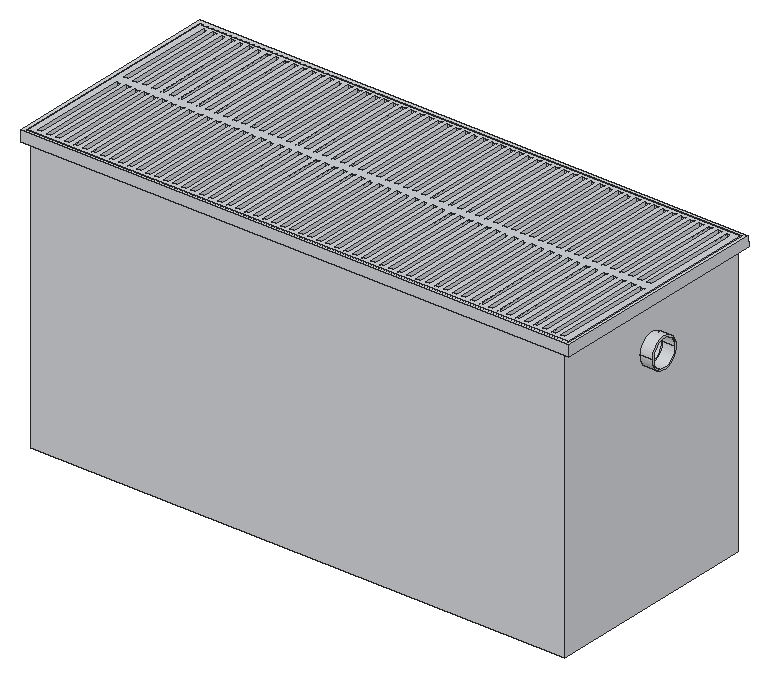
Revit family "Interceptor_Sand-Zurn-Z1187-SI", category Plumbing Fixtures, Revit 2022 (continued)
Definition of nested family "Grate Size_250"
  Forms (in)
    Extrusion 61, void
      sketch origin (26, 0, 0) x (1, 0, 0) y (0, 1, 0)
        loop
          line (-0.5, -1) -> (-0.5, -23) -> (0.5, -23) -> (0.5, -1) -> (-0.5, -1)
      from 0 to 1.75
    Extrusion 62, void
      sketch origin (28, 0, 0) x (1, 0, 0) y (0, 1, 0)
        loop
          line (-0.5, -1) -> (-0.5, -23) -> (0.5, -23) -> (0.5, -1) -> (-0.5, -1)
      from 0 to 1.75
    Extrusion 63, void
      sketch origin (30, 0, 0) x (1, 0, 0) y (0, 1, 0)
        loop
          line (-0.5, -1) -> (-0.5, -23) -> (0.5, -23) -> (0.5, -1) -> (-0.5, -1)
      from 0 to 1.75
    Extrusion 64, void
      sketch origin (32, 0, 0) x (1, 0, 0) y (0, 1, 0)
        loop
          line (-0.5, -1) -> (-0.5, -23) -> (0.5, -23) -> (0.5, -1) -> (-0.5, -1)
      from 0 to 1.75
    Extrusion 65, void
      sketch origin (34, 0, 0) x (1, 0, 0) y (0, 1, 0)
        loop
          line (-0.5, -1) -> (-0.5, -23) -> (0.5, -23) -> (0.5, -1) -> (-0.5, -1)
      from 0 to 1.75
    Extrusion 66, void
      sketch origin (24, 0, 0) x (1, 0, 0) y (0, 1, 0)
        loop
          line (-0.5, 1) -> (0.5, 1) -> (0.5, 23) -> (-0.5, 23) -> (-0.5, 1)
      from 0 to 1.75
    Extrusion 67, void
      sketch origin (26, 0, 0) x (1, 0, 0) y (0, 1, 0)
        loop
          line (-0.5, 1) -> (0.5, 1) -> (0.5, 23) -> (-0.5, 23) -> (-0.5, 1)
      from 0 to 1.75
    Extrusion 68, void
      sketch origin (28, 0, 0) x (1, 0, 0) y (0, 1, 0)
        loop
          line (-0.5, 1) -> (0.5, 1) -> (0.5, 23) -> (-0.5, 23) -> (-0.5, 1)
      from 0 to 1.75
    Extrusion 69, void
      sketch origin (30, 0, 0) x (1, 0, 0) y (0, 1, 0)
        loop
          line (-0.5, 1) -> (0.5, 1) -> (0.5, 23) -> (-0.5, 23) -> (-0.5, 1)
      from 0 to 1.75
    Extrusion 70, void
      sketch origin (32, 0, 0) x (1, 0, 0) y (0, 1, 0)
        loop
          line (-0.5, 1) -> (0.5, 1) -> (0.5, 23) -> (-0.5, 23) -> (-0.5, 1)
      from 0 to 1.75
    Extrusion 71, void
      sketch origin (34, 0, 0) x (1, 0, 0) y (0, 1, 0)
        loop
          line (-0.5, 1) -> (0.5, 1) -> (0.5, 23) -> (-0.5, 23) -> (-0.5, 1)
      from 0 to 1.75
  Cuts and joins
    Extrusion 2, Extrusion 3, Extrusion 4, Extrusion 5, Extrusion 6, Extrusion 7, Extrusion 8, Extrusion 9, Extrusion 10, Extrusion 11, Extrusion 12, Extrusion 13, Extrusion 14, Extrusion 15, Extrusion 16, Extrusion 17, Extrusion 18, Extrusion 19, Extrusion 20, Extrusion 21, Extrusion 22, Extrusion 23, Extrusion 24, Extrusion 25, Extrusion 26, Extrusion 27, Extrusion 28, Extrusion 29, Extrusion 30, Extrusion 31, Extrusion 32, Extrusion 33, Extrusion 34, Extrusion 35, Extrusion 36, Extrusion 37, Extrusion 38, Extrusion 39, Extrusion 40, Extrusion 41, Extrusion 42, Extrusion 43, Extrusion 44, Extrusion 45, Extrusion 46, Extrusion 47, Extrusion 48, Extrusion 49, Extrusion 50, Extrusion 51, Extrusion 52, Extrusion 53, Extrusion 54, Extrusion 55, Extrusion 56, Extrusion 57, Extrusion 58, Extrusion 59, Extrusion 60, Extrusion 61, Extrusion 62, Extrusion 63, Extrusion 64, Extrusion 65, Extrusion 66, Extrusion 67, Extrusion 68, Extrusion 69, Extrusion 70, Extrusion 71 cuts Extrusion 1
  Lines and regions (in)
    model lines, detail levels coarse+medium
      curve 1: line (-36, -24, 1.75) -> (36, -24, 1.75)
      curve 2: line (-36, 24, 1.75) -> (36, 24, 1.75)
      curve 3: line (-36, -24, 1.75) -> (-36, 24, 1.75)
      curve 4: line (36, -24, 1.75) -> (36, 24, 1.75)
      curve 5: line (-36, 18, 1.75) -> (36, 18, 1.75)
      curve 6: line (-36, 12, 1.75) -> (36, 12, 1.75)
      curve 7: line (-36, 6, 1.75) -> (36, 6, 1.75)
      curve 8: line (-36, 0, 1.75) -> (36, 0, 1.75)
      curve 9: line (-36, -6, 1.75) -> (36, -6, 1.75)
      curve 10: line (-36, -12, 1.75) -> (36, -12, 1.75)
      curve 11: line (-36, -18, 1.75) -> (36, -18, 1.75)
      curve 12: line (-28.8, 24, 1.75) -> (-28.8, -24, 1.75)
      curve 13: line (-21.6, 24, 1.75) -> (-21.6, -24, 1.75)
      curve 14: line (-14.4, 24, 1.75) -> (-14.4, -24, 1.75)
      curve 15: line (-7.2, 24, 1.75) -> (-7.2, -24, 1.75)
      curve 16: line (0, 24, 1.75) -> (0, -24, 1.75)
      curve 17: line (7.2, 24, 1.75) -> (7.2, -24, 1.75)
      curve 18: line (14.4, 24, 1.75) -> (14.4, -24, 1.75)
      curve 19: line (21.6, 24, 1.75) -> (21.6, -24, 1.75)
      curve 20: line (28.8, 24, 1.75) -> (28.8, -24, 1.75)
  Dimensions and locks (in)
    plane 6 to level = 1.750"
    equal spacing: plane 7, plane 1 "Center (Front/Back)", plane 8
    plane 7 to plane 1 "Center (Front/Back)" = 24.000"
    "Width": plane 7 to plane 8
    equal spacing: plane 5, plane 3 "Center (Left/Right)", plane 4
    "Length": plane 5 to plane 4
    plane 9 to plane 10 = 1.000"
    locked: plane 11 to level at 1.75
    plane 12 to plane 13 = 22.000"
    plane 12 to plane 1 "Center (Front/Back)" = 1.000"
    plane 13 to plane 7 = 1.000"
    plane 14 to plane 15 = 1.000"
    plane 16 to plane 17 = 22.000"
    plane 18 to plane 19 = 1.000"
    plane 20 to plane 21 = 22.000"
    plane 22 to plane 23 = 1.000"
    plane 24 to plane 25 = 22.000"
    plane 26 to plane 27 = 1.000"
    plane 28 to plane 29 = 22.000"
    plane 30 to plane 31 = 1.000"
    plane 32 to plane 33 = 22.000"
    plane 34 to plane 35 = 1.000"
    plane 36 to plane 37 = 22.000"
    plane 38 to plane 39 = 1.000"
    plane 40 to plane 41 = 22.000"
    plane 42 to plane 43 = 1.000"
    plane 44 to plane 45 = 22.000"
    plane 46 to plane 47 = 1.000"
    plane 48 to plane 49 = 22.000"
    plane 50 to plane 51 = 1.000"
    plane 52 to plane 53 = 22.000"
    plane 54 to plane 55 = 1.000"
    plane 56 to plane 57 = 22.000"
    plane 58 to plane 59 = 1.000"
    plane 60 to plane 61 = 22.000"
    plane 62 to plane 63 = 1.000"
    plane 64 to plane 65 = 22.000"
    plane 66 to plane 67 = 1.000"
    plane 68 to plane 69 = 22.000"
    plane 70 to plane 71 = 1.000"
    plane 72 to plane 73 = 22.000"
    plane 74 to plane 75 = 1.000"
    plane 76 to plane 77 = 22.000"
    plane 78 to plane 79 = 1.000"
    plane 80 to plane 81 = 22.000"
    plane 82 to plane 83 = 1.000"
    plane 84 to plane 85 = 22.000"
    plane 86 to plane 87 = 1.000"
    plane 88 to plane 89 = 22.000"
    plane 90 to plane 91 = 1.000"
    plane 92 to plane 93 = 22.000"
    plane 94 to plane 95 = 1.000"
    plane 96 to plane 97 = 22.000"
    plane 98 to plane 99 = 1.000"
    plane 100 to plane 101 = 22.000"
    plane 102 to plane 103 = 1.000"
    plane 104 to plane 105 = 22.000"
    plane 106 to plane 107 = 1.000"
    plane 109 to plane 108 = 22.000"
    plane 110 to plane 111 = 1.000"
    plane 113 to plane 112 = 22.000"
    plane 114 to plane 115 = 1.000"
    plane 117 to plane 116 = 22.000"
    plane 118 to plane 119 = 1.000"
    plane 121 to plane 120 = 22.000"
    plane 122 to plane 123 = 1.000"
    plane 125 to plane 124 = 22.000"
    plane 126 to plane 127 = 1.000"
    plane 129 to plane 128 = 22.000"
    plane 130 to plane 131 = 1.000"
    plane 133 to plane 132 = 22.000"
    plane 134 to plane 135 = 1.000"
    plane 137 to plane 136 = 22.000"
    plane 138 to plane 139 = 1.000"
    plane 141 to plane 140 = 22.000"
    plane 142 to plane 143 = 1.000"
    plane 145 to plane 144 = 22.000"
    plane 146 to plane 147 = 1.000"
    plane 149 to plane 148 = 22.000"
    plane 150 to plane 151 = 1.000"
    plane 152 to plane 153 = 22.000"
    plane 154 to plane 155 = 1.000"
    plane 156 to plane 157 = 22.000"
    plane 158 to plane 159 = 1.000"
    plane 160 to plane 161 = 22.000"
    plane 162 to plane 163 = 1.000"
    plane 164 to plane 165 = 22.000"
    plane 166 to plane 167 = 1.000"
    plane 168 to plane 169 = 22.000"
    plane 170 to plane 171 = 1.000"
    plane 172 to plane 173 = 22.000"
    plane 174 to plane 175 = 1.000"
    plane 176 to plane 177 = 22.000"
    plane 178 to plane 179 = 1.000"
    plane 180 to plane 181 = 22.000"
    plane 182 to plane 183 = 1.000"
    plane 184 to plane 185 = 22.000"
    plane 186 to plane 187 = 1.000"
    plane 188 to plane 189 = 22.000"
    plane 190 to plane 191 = 1.000"
    plane 192 to plane 193 = 22.000"
    equal spacing: group 51, group 50, group 49, group 48, group 47, group 46, group 45
    equal spacing: group 45, group 46, group 47, group 48, group 49, group 50, group 51  (x2)
    plane 242 to plane 243 = 1.000"
    plane 244 to plane 245 = 22.000"
    equal spacing: group 58, group 59, group 60, group 61, group 62, group 63, group 64  (x3)
    plane 246 to plane 247 = 1.000"
    plane 248 to plane 249 = 22.000"
    plane 250 to plane 251 = 1.000"
    plane 252 to plane 253 = 22.000"
    plane 254 to plane 255 = 1.000"
    plane 256 to plane 257 = 22.000"
    plane 258 to plane 259 = 1.000"
    plane 260 to plane 261 = 22.000"
    plane 262 to plane 263 = 1.000"
    plane 264 to plane 265 = 22.000"
    plane 266 to plane 267 = 1.000"
    plane 268 to plane 269 = 22.000"
    plane 270 to plane 271 = 1.000"
    plane 272 to plane 273 = 22.000"
    plane 274 to plane 275 = 1.000"
    plane 276 to plane 277 = 22.000"
    plane 278 to plane 279 = 1.000"
    plane 280 to plane 281 = 22.000"
    plane 282 to plane 283 = 1.000"
    plane 284 to plane 285 = 22.000"
    plane 286 to plane 287 = 1.000"
    plane 288 to plane 289 = 22.000"
    equal spacing: plane 290, plane 3 "Center (Left/Right)", plane 291
    "Length": plane 290 to plane 291
    equal spacing: plane 8, curve 5, curve 6, curve 7, curve 8, curve 9, curve 10, curve 11, plane 7, locked at 6 each
    equal spacing: plane 290, curve 12, curve 13, curve 14, curve 15, curve 16, curve 17, curve 18, curve 19, curve 20, plane 291, locked at 7.2 each
    aligned and locked: plane 2 to level
    aligned and locked: Extrusion 1 sketch curve to plane 5
    aligned and locked: Extrusion 1 sketch curve to plane 6
    aligned and locked: plane 4 to Extrusion 1 sketch curve
    aligned and locked: plane 8 to Extrusion 1
    aligned and locked: Extrusion 1 to plane 7
    aligned and locked: plane 13 to Extrusion 2 sketch curve
    aligned and locked: Extrusion 2 sketch curve to plane 12
    aligned and locked: plane 10 to Extrusion 2 sketch curve
    aligned and locked: plane 9 to Extrusion 2 sketch curve
    aligned and locked: plane 17 to Extrusion 3 sketch curve
    aligned and locked: Extrusion 3 sketch curve to plane 16
    aligned and locked: plane 15 to Extrusion 3 sketch curve
    aligned and locked: plane 14 to Extrusion 3 sketch curve
    aligned and locked: plane 21 to Extrusion 4 sketch curve
    aligned and locked: Extrusion 4 sketch curve to plane 20
    aligned and locked: plane 19 to Extrusion 4 sketch curve
    aligned and locked: plane 18 to Extrusion 4 sketch curve
    aligned and locked: plane 25 to Extrusion 5 sketch curve
    aligned and locked: Extrusion 5 sketch curve to plane 24
    aligned and locked: plane 23 to Extrusion 5 sketch curve
    aligned and locked: plane 22 to Extrusion 5 sketch curve
    aligned and locked: plane 29 to Extrusion 6 sketch curve
    aligned and locked: Extrusion 6 sketch curve to plane 28
    aligned and locked: plane 27 to Extrusion 6 sketch curve
    aligned and locked: plane 26 to Extrusion 6 sketch curve
    aligned and locked: plane 33 to Extrusion 7 sketch curve
    aligned and locked: Extrusion 7 sketch curve to plane 32
    aligned and locked: plane 31 to Extrusion 7 sketch curve
    aligned and locked: plane 30 to Extrusion 7 sketch curve
    aligned and locked: plane 37 to Extrusion 8 sketch curve
    aligned and locked: Extrusion 8 sketch curve to plane 36
    aligned and locked: plane 35 to Extrusion 8 sketch curve
    aligned and locked: plane 34 to Extrusion 8 sketch curve
    aligned and locked: plane 41 to Extrusion 9 sketch curve
    aligned and locked: Extrusion 9 sketch curve to plane 40
    aligned and locked: plane 39 to Extrusion 9 sketch curve
    aligned and locked: plane 38 to Extrusion 9 sketch curve
    aligned and locked: plane 45 to Extrusion 10 sketch curve
    aligned and locked: Extrusion 10 sketch curve to plane 44
    aligned and locked: plane 43 to Extrusion 10 sketch curve
    aligned and locked: plane 42 to Extrusion 10 sketch curve
    aligned and locked: plane 49 to Extrusion 11 sketch curve
    aligned and locked: Extrusion 11 sketch curve to plane 48
    aligned and locked: plane 47 to Extrusion 11 sketch curve
    aligned and locked: plane 46 to Extrusion 11 sketch curve
    aligned and locked: plane 53 to Extrusion 12 sketch curve
    aligned and locked: Extrusion 12 sketch curve to plane 52
    aligned and locked: plane 51 to Extrusion 12 sketch curve
    aligned and locked: plane 50 to Extrusion 12 sketch curve
    aligned and locked: plane 57 to Extrusion 13 sketch curve
    aligned and locked: Extrusion 13 sketch curve to plane 56
    aligned and locked: plane 55 to Extrusion 13 sketch curve
    aligned and locked: plane 54 to Extrusion 13 sketch curve
    aligned and locked: plane 61 to Extrusion 14 sketch curve
    aligned and locked: Extrusion 14 sketch curve to plane 60
    aligned and locked: plane 59 to Extrusion 14 sketch curve
    aligned and locked: plane 58 to Extrusion 14 sketch curve
    aligned and locked: plane 65 to Extrusion 15 sketch curve
    aligned and locked: Extrusion 15 sketch curve to plane 64
    aligned and locked: plane 63 to Extrusion 15 sketch curve
    aligned and locked: plane 62 to Extrusion 15 sketch curve
    aligned and locked: plane 69 to Extrusion 16 sketch curve
    aligned and locked: Extrusion 16 sketch curve to plane 68
    aligned and locked: plane 67 to Extrusion 16 sketch curve
    aligned and locked: plane 66 to Extrusion 16 sketch curve
    aligned and locked: plane 73 to Extrusion 17 sketch curve
    aligned and locked: Extrusion 17 sketch curve to plane 72
    aligned and locked: plane 71 to Extrusion 17 sketch curve
    aligned and locked: plane 70 to Extrusion 17 sketch curve
    aligned and locked: plane 77 to Extrusion 18 sketch curve
    aligned and locked: Extrusion 18 sketch curve to plane 76
    aligned and locked: plane 75 to Extrusion 18 sketch curve
    aligned and locked: plane 74 to Extrusion 18 sketch curve
    aligned and locked: plane 81 to Extrusion 19 sketch curve
    aligned and locked: Extrusion 19 sketch curve to plane 80
    aligned and locked: plane 79 to Extrusion 19 sketch curve
    aligned and locked: plane 78 to Extrusion 19 sketch curve
    aligned and locked: plane 85 to Extrusion 20 sketch curve
    aligned and locked: Extrusion 20 sketch curve to plane 84
    aligned and locked: plane 83 to Extrusion 20 sketch curve
    aligned and locked: plane 82 to Extrusion 20 sketch curve
    aligned and locked: plane 89 to Extrusion 21 sketch curve
    aligned and locked: Extrusion 21 sketch curve to plane 88
    aligned and locked: plane 87 to Extrusion 21 sketch curve
    aligned and locked: plane 86 to Extrusion 21 sketch curve
    aligned and locked: plane 93 to Extrusion 22 sketch curve
    aligned and locked: Extrusion 22 sketch curve to plane 92
    aligned and locked: plane 91 to Extrusion 22 sketch curve
    aligned and locked: plane 90 to Extrusion 22 sketch curve
    aligned and locked: plane 97 to Extrusion 23 sketch curve
    aligned and locked: Extrusion 23 sketch curve to plane 96
    aligned and locked: plane 95 to Extrusion 23 sketch curve
    aligned and locked: plane 94 to Extrusion 23 sketch curve
    aligned and locked: plane 101 to Extrusion 24 sketch curve
    aligned and locked: Extrusion 24 sketch curve to plane 100
    aligned and locked: plane 99 to Extrusion 24 sketch curve
    aligned and locked: plane 98 to Extrusion 24 sketch curve
    aligned and locked: Extrusion 25 sketch curve to plane 105
    aligned and locked: plane 104 to Extrusion 25 sketch curve
    aligned and locked: plane 103 to Extrusion 25 sketch curve
    aligned and locked: plane 102 to Extrusion 25 sketch curve
    aligned and locked: Extrusion 26 sketch curve to plane 109
    aligned and locked: plane 108 to Extrusion 26 sketch curve
    aligned and locked: plane 107 to Extrusion 26 sketch curve
    aligned and locked: plane 106 to Extrusion 26 sketch curve
    aligned and locked: Extrusion 27 sketch curve to plane 113
    aligned and locked: plane 112 to Extrusion 27 sketch curve
    aligned and locked: plane 111 to Extrusion 27 sketch curve
    aligned and locked: plane 110 to Extrusion 27 sketch curve
    aligned and locked: Extrusion 28 sketch curve to plane 117
    aligned and locked: plane 116 to Extrusion 28 sketch curve
    aligned and locked: plane 115 to Extrusion 28 sketch curve
    aligned and locked: plane 114 to Extrusion 28 sketch curve
    aligned and locked: Extrusion 29 sketch curve to plane 121
    aligned and locked: plane 120 to Extrusion 29 sketch curve
    aligned and locked: plane 119 to Extrusion 29 sketch curve
    aligned and locked: plane 118 to Extrusion 29 sketch curve
    aligned and locked: Extrusion 30 sketch curve to plane 125
    aligned and locked: plane 124 to Extrusion 30 sketch curve
    aligned and locked: plane 123 to Extrusion 30 sketch curve
    aligned and locked: plane 122 to Extrusion 30 sketch curve
    aligned and locked: Extrusion 31 sketch curve to plane 129
    aligned and locked: plane 128 to Extrusion 31 sketch curve
    aligned and locked: plane 127 to Extrusion 31 sketch curve
    aligned and locked: plane 126 to Extrusion 31 sketch curve
    aligned and locked: Extrusion 32 sketch curve to plane 133
    aligned and locked: plane 132 to Extrusion 32 sketch curve
    aligned and locked: plane 131 to Extrusion 32 sketch curve
    aligned and locked: plane 130 to Extrusion 32 sketch curve
    aligned and locked: Extrusion 33 sketch curve to plane 137
    aligned and locked: plane 136 to Extrusion 33 sketch curve
    aligned and locked: plane 135 to Extrusion 33 sketch curve
    aligned and locked: plane 134 to Extrusion 33 sketch curve
    aligned and locked: Extrusion 34 sketch curve to plane 141
    aligned and locked: plane 140 to Extrusion 34 sketch curve
    aligned and locked: plane 139 to Extrusion 34 sketch curve
    aligned and locked: plane 138 to Extrusion 34 sketch curve
    aligned and locked: Extrusion 35 sketch curve to plane 145
    aligned and locked: plane 144 to Extrusion 35 sketch curve
    aligned and locked: plane 143 to Extrusion 35 sketch curve
    aligned and locked: plane 142 to Extrusion 35 sketch curve
    aligned and locked: Extrusion 36 sketch curve to plane 149
    aligned and locked: plane 148 to Extrusion 36 sketch curve
    aligned and locked: plane 147 to Extrusion 36 sketch curve
    aligned and locked: plane 146 to Extrusion 36 sketch curve
    aligned and locked: Extrusion 37 sketch curve to plane 153
    aligned and locked: plane 152 to Extrusion 37 sketch curve
    aligned and locked: plane 151 to Extrusion 37 sketch curve
    aligned and locked: plane 150 to Extrusion 37 sketch curve
    aligned and locked: Extrusion 38 sketch curve to plane 157
    aligned and locked: plane 156 to Extrusion 38 sketch curve
    aligned and locked: plane 155 to Extrusion 38 sketch curve
    aligned and locked: plane 154 to Extrusion 38 sketch curve
    aligned and locked: Extrusion 39 sketch curve to plane 161
    aligned and locked: plane 160 to Extrusion 39 sketch curve
    aligned and locked: plane 159 to Extrusion 39 sketch curve
    aligned and locked: plane 158 to Extrusion 39 sketch curve
    aligned and locked: Extrusion 40 sketch curve to plane 165
    aligned and locked: plane 164 to Extrusion 40 sketch curve
    aligned and locked: plane 163 to Extrusion 40 sketch curve
    aligned and locked: plane 162 to Extrusion 40 sketch curve
    aligned and locked: Extrusion 41 sketch curve to plane 169
    aligned and locked: plane 168 to Extrusion 41 sketch curve
    aligned and locked: plane 167 to Extrusion 41 sketch curve
    aligned and locked: plane 166 to Extrusion 41 sketch curve
    aligned and locked: Extrusion 42 sketch curve to plane 173
    aligned and locked: plane 172 to Extrusion 42 sketch curve
    aligned and locked: plane 171 to Extrusion 42 sketch curve
    aligned and locked: plane 170 to Extrusion 42 sketch curve
    aligned and locked: Extrusion 43 sketch curve to plane 177
    aligned and locked: plane 176 to Extrusion 43 sketch curve
    aligned and locked: plane 175 to Extrusion 43 sketch curve
    aligned and locked: plane 174 to Extrusion 43 sketch curve
    aligned and locked: Extrusion 44 sketch curve to plane 181
    aligned and locked: plane 180 to Extrusion 44 sketch curve
    aligned and locked: plane 179 to Extrusion 44 sketch curve
    aligned and locked: plane 178 to Extrusion 44 sketch curve
    aligned and locked: Extrusion 45 sketch curve to plane 185
    aligned and locked: plane 184 to Extrusion 45 sketch curve
    aligned and locked: plane 183 to Extrusion 45 sketch curve
    aligned and locked: plane 182 to Extrusion 45 sketch curve
    aligned and locked: Extrusion 46 sketch curve to plane 189
    aligned and locked: plane 188 to Extrusion 46 sketch curve
    aligned and locked: plane 187 to Extrusion 46 sketch curve
    aligned and locked: plane 186 to Extrusion 46 sketch curve
    aligned and locked: Extrusion 47 sketch curve to plane 193
    aligned and locked: plane 192 to Extrusion 47 sketch curve
    aligned and locked: plane 191 to Extrusion 47 sketch curve
    aligned and locked: plane 190 to Extrusion 47 sketch curve
    aligned and locked: plane 197 to Extrusion 48 sketch curve
    aligned and locked: Extrusion 48 sketch curve to plane 196
    aligned and locked: plane 195 to Extrusion 48 sketch curve
    aligned and locked: plane 194 to Extrusion 48 sketch curve
    aligned and locked: plane 201 to Extrusion 49 sketch curve
    aligned and locked: Extrusion 49 sketch curve to plane 200
    aligned and locked: plane 199 to Extrusion 49 sketch curve
    aligned and locked: plane 198 to Extrusion 49 sketch curve
    aligned and locked: plane 205 to Extrusion 50 sketch curve
    aligned and locked: Extrusion 50 sketch curve to plane 204
    aligned and locked: plane 203 to Extrusion 50 sketch curve
    aligned and locked: plane 202 to Extrusion 50 sketch curve
    aligned and locked: plane 209 to Extrusion 51 sketch curve
    aligned and locked: Extrusion 51 sketch curve to plane 208
    aligned and locked: plane 207 to Extrusion 51 sketch curve
    aligned and locked: plane 206 to Extrusion 51 sketch curve
    aligned and locked: plane 213 to Extrusion 52 sketch curve
    aligned and locked: Extrusion 52 sketch curve to plane 212
    aligned and locked: plane 211 to Extrusion 52 sketch curve
    aligned and locked: plane 210 to Extrusion 52 sketch curve
    aligned and locked: plane 217 to Extrusion 53 sketch curve
    aligned and locked: Extrusion 53 sketch curve to plane 216
    aligned and locked: plane 215 to Extrusion 53 sketch curve
    aligned and locked: plane 214 to Extrusion 53 sketch curve
    aligned and locked: Extrusion 54 sketch curve to plane 221
    aligned and locked: plane 220 to Extrusion 54 sketch curve
    aligned and locked: plane 219 to Extrusion 54 sketch curve
    aligned and locked: plane 218 to Extrusion 54 sketch curve
    aligned and locked: Extrusion 55 sketch curve to plane 225
    aligned and locked: plane 224 to Extrusion 55 sketch curve
    aligned and locked: plane 223 to Extrusion 55 sketch curve
    aligned and locked: plane 222 to Extrusion 55 sketch curve
    aligned and locked: Extrusion 56 sketch curve to plane 229
    aligned and locked: plane 228 to Extrusion 56 sketch curve
    aligned and locked: plane 227 to Extrusion 56 sketch curve
    aligned and locked: plane 226 to Extrusion 56 sketch curve
    aligned and locked: Extrusion 57 sketch curve to plane 233
    aligned and locked: plane 232 to Extrusion 57 sketch curve
    aligned and locked: plane 231 to Extrusion 57 sketch curve
    aligned and locked: plane 230 to Extrusion 57 sketch curve
    aligned and locked: Extrusion 58 sketch curve to plane 237
    aligned and locked: plane 236 to Extrusion 58 sketch curve
    aligned and locked: plane 235 to Extrusion 58 sketch curve
    aligned and locked: plane 234 to Extrusion 58 sketch curve
    aligned and locked: Extrusion 59 sketch curve to plane 241
    aligned and locked: plane 240 to Extrusion 59 sketch curve
    aligned and locked: plane 239 to Extrusion 59 sketch curve
    aligned and locked: plane 238 to Extrusion 59 sketch curve
    aligned and locked: plane 245 to Extrusion 60 sketch curve
    aligned and locked: Extrusion 60 sketch curve to plane 244
    aligned and locked: plane 243 to Extrusion 60 sketch curve
    aligned and locked: plane 242 to Extrusion 60 sketch curve
    aligned and locked: plane 249 to Extrusion 61 sketch curve
    aligned and locked: Extrusion 61 sketch curve to plane 248
    aligned and locked: plane 247 to Extrusion 61 sketch curve
    aligned and locked: plane 246 to Extrusion 61 sketch curve
    aligned and locked: plane 253 to Extrusion 62 sketch curve
    aligned and locked: Extrusion 62 sketch curve to plane 252
    aligned and locked: plane 251 to Extrusion 62 sketch curve
    aligned and locked: plane 250 to Extrusion 62 sketch curve
    aligned and locked: plane 257 to Extrusion 63 sketch curve
    aligned and locked: Extrusion 63 sketch curve to plane 256
    aligned and locked: plane 255 to Extrusion 63 sketch curve
    aligned and locked: plane 254 to Extrusion 63 sketch curve
    aligned and locked: plane 261 to Extrusion 64 sketch curve
    aligned and locked: Extrusion 64 sketch curve to plane 260
    aligned and locked: plane 259 to Extrusion 64 sketch curve
    aligned and locked: plane 258 to Extrusion 64 sketch curve
    aligned and locked: plane 265 to Extrusion 65 sketch curve
    aligned and locked: Extrusion 65 sketch curve to plane 264
    aligned and locked: plane 263 to Extrusion 65 sketch curve
    aligned and locked: plane 262 to Extrusion 65 sketch curve
    aligned and locked: Extrusion 66 sketch curve to plane 269
    aligned and locked: plane 268 to Extrusion 66 sketch curve
    aligned and locked: plane 267 to Extrusion 66 sketch curve
    aligned and locked: plane 266 to Extrusion 66 sketch curve
    aligned and locked: Extrusion 67 sketch curve to plane 273
    aligned and locked: plane 272 to Extrusion 67 sketch curve
    aligned and locked: plane 271 to Extrusion 67 sketch curve
    aligned and locked: plane 270 to Extrusion 67 sketch curve
    aligned and locked: Extrusion 68 sketch curve to plane 277
    aligned and locked: plane 276 to Extrusion 68 sketch curve
    aligned and locked: plane 275 to Extrusion 68 sketch curve
    aligned and locked: plane 274 to Extrusion 68 sketch curve
    aligned and locked: Extrusion 69 sketch curve to plane 281
    aligned and locked: plane 280 to Extrusion 69 sketch curve
    aligned and locked: plane 279 to Extrusion 69 sketch curve
    aligned and locked: plane 278 to Extrusion 69 sketch curve
    aligned and locked: Extrusion 70 sketch curve to plane 285
    aligned and locked: plane 284 to Extrusion 70 sketch curve
    aligned and locked: plane 283 to Extrusion 70 sketch curve
    aligned and locked: plane 282 to Extrusion 70 sketch curve
    aligned and locked: Extrusion 71 sketch curve to plane 289
    aligned and locked: plane 288 to Extrusion 71 sketch curve
    aligned and locked: plane 287 to Extrusion 71 sketch curve
    aligned and locked: plane 286 to Extrusion 71 sketch curve
    aligned and locked: plane 291 to curve 1
    aligned and locked: plane 290 to curve 1
    aligned and locked: plane 8 to curve 3
    aligned and locked: plane 7 to curve 3
    aligned and locked: plane 290 to curve 11
    aligned and locked: plane 291 to curve 11
    aligned and locked: plane 8 to curve 12
    aligned and locked: plane 7 to curve 12
  Automatic sketch dimensions
    Extrusion 1 sketch curve to level = 0.000"
Definition of nested family "Grate Size_500"
  Parameters (values of type "Size-500")
    Width [instance] = 48.000"
    Waste Connection = 1 = 1  # yes
    WFU = 1  # constant formula
    Vent Connection = 1 = 0  # no
    URL = "www.zurn.com"
    Product data url = ""
    Product Page URL = ""
    Product Installation Sheet URL = ""
    Product Documentation Link = ""
    Modified Date = ""
    Manufacurer Brand = "Zurn"  # constant formula
    Manufacturer = "Zurn Water, LLC"  # constant formula
    Main Material [instance] = none
    Length [instance] = 120.000"
    HWFU = 0  # constant formula
    HW Connection = 1 = 0  # no
    Grate Open Area (Sq. In) = 0.00 SF
    Default Elevation = 20.000"  # constant formula
    Date Created = ""
    CWFU = 0  # constant formula
    CW Connection = 1 = 0  # no
    Assembly Code = ""
    Approx. Weight (Lbs) = 0.00 lbf
  Reference planes (in)
    plane 1 "Center (Front/Back)": y = 0
    plane 2: z = 0
    plane 3 "Center (Left/Right)": x = 0
    plane 4: x = -60
    plane 5: x = 60
    plane 6: z = 1.75
    plane 7: y = -24
    plane 8: y = 24
    plane 9: x = -0.5
    plane 10: x = 0.5
    plane 11: z = 1.75
    plane 12: y = -1
    plane 13: y = -23
    plane 14: x = 1.5
    plane 15: x = 2.5
    plane 16: y = -1
    plane 17: y = -23
    plane 18: x = 3.5
    plane 19: x = 4.5
    plane 20: y = -1
    plane 21: y = -23
    plane 22: x = 5.5
    plane 23: x = 6.5
    plane 24: y = -1
    plane 25: y = -23
    plane 26: x = 7.5
    plane 27: x = 8.5
    plane 28: y = -1
    plane 29: y = -23
    plane 30: x = 9.5
    plane 31: x = 10.5
    plane 32: y = -1
    plane 33: y = -23
    plane 34: x = 11.5
    plane 35: x = 12.5
    plane 36: y = -1
    plane 37: y = -23
    plane 38: x = 13.5
    plane 39: x = 14.5
    plane 40: y = -1
    plane 41: y = -23
    plane 42: x = 15.5
    plane 43: x = 16.5
    plane 44: y = -1
    plane 45: y = -23
    plane 46: x = 17.5
    plane 47: x = 18.5
    plane 48: y = -1
    plane 49: y = -23
    plane 50: x = 19.5
    plane 51: x = 20.5
    plane 52: y = -1
    plane 53: y = -23
    plane 54: x = 21.5
    plane 55: x = 22.5
    plane 56: y = -1
    plane 57: y = -23
    plane 58: x = -2.5
    plane 59: x = -1.5
    plane 60: y = -1
    plane 61: y = -23
    plane 62: x = -4.5
    plane 63: x = -3.5
    plane 64: y = -1
    plane 65: y = -23
    plane 66: x = -6.5
    plane 67: x = -5.5
    plane 68: y = -1
    plane 69: y = -23
    plane 70: x = -8.5
    plane 71: x = -7.5
    plane 72: y = -1
    plane 73: y = -23
    plane 74: x = -10.5
    plane 75: x = -9.5
    plane 76: y = -1
    plane 77: y = -23
    plane 78: x = -12.5
    plane 79: x = -11.5
    plane 80: y = -1
    plane 81: y = -23
    plane 82: x = -14.5
    plane 83: x = -13.5
    plane 84: y = -1
    plane 85: y = -23
    plane 86: x = -16.5
    plane 87: x = -15.5
    plane 88: y = -1
    plane 89: y = -23
    plane 90: x = -18.5
    plane 91: x = -17.5
    plane 92: y = -1
    plane 93: y = -23
    plane 94: x = -20.5
    plane 95: x = -19.5
    plane 96: y = -1
    plane 97: y = -23
    plane 98: x = -22.5
    plane 99: x = -21.5
    plane 100: y = -1
    plane 101: y = -23
    plane 102: x = -0.5
    plane 103: x = 0.5
    plane 104: y = 1
    plane 105: y = 23
    plane 106: x = 1.5
    plane 107: x = 2.5
    plane 108: y = 1
    plane 109: y = 23
    plane 110: x = 3.5
    plane 111: x = 4.5
    plane 112: y = 1
    plane 113: y = 23
    plane 114: x = 5.5
    plane 115: x = 6.5
    plane 116: y = 1
    plane 117: y = 23
    plane 118: x = 7.5
    plane 119: x = 8.5
    plane 120: y = 1
    plane 121: y = 23
    plane 122: x = 9.5
    plane 123: x = 10.5
    plane 124: y = 1
    plane 125: y = 23
    plane 126: x = 11.5
    plane 127: x = 12.5
    plane 128: y = 1
    plane 129: y = 23
    plane 130: x = 13.5
    plane 131: x = 14.5
    plane 132: y = 1
    plane 133: y = 23
    plane 134: x = 15.5
    plane 135: x = 16.5
    plane 136: y = 1
    plane 137: y = 23
    plane 138: x = 17.5
    plane 139: x = 18.5
    plane 140: y = 1
    plane 141: y = 23
    plane 142: x = 19.5
    plane 143: x = 20.5
    plane 144: y = 1
    plane 145: y = 23
    plane 146: x = 21.5
    plane 147: x = 22.5
    plane 148: y = 1
    plane 149: y = 23
    plane 150: x = -2.5
    plane 151: x = -1.5
    plane 152: y = 1
    plane 153: y = 23
    plane 154: x = -4.5
    plane 155: x = -3.5
    plane 156: y = 1
    plane 157: y = 23
    plane 158: x = -6.5
    plane 159: x = -5.5
    plane 160: y = 1
    plane 161: y = 23
    plane 162: x = -8.5
    plane 163: x = -7.5
    plane 164: y = 1
    plane 165: y = 23
    plane 166: x = -10.5
    plane 167: x = -9.5
    plane 168: y = 1
    plane 169: y = 23
    plane 170: x = -12.5
    plane 171: x = -11.5
    plane 172: y = 1
    plane 173: y = 23
    plane 174: x = -14.5
    plane 175: x = -13.5
    plane 176: y = 1
    plane 177: y = 23
    plane 178: x = -16.5
    plane 179: x = -15.5
    plane 180: y = 1
    plane 181: y = 23
    plane 182: x = -18.5
    plane 183: x = -17.5
    plane 184: y = 1
    plane 185: y = 23
    plane 186: x = -20.5
    plane 187: x = -19.5
    plane 188: y = 1
    plane 189: y = 23
    plane 190: x = -22.5
    plane 191: x = -21.5
    plane 192: y = 1
    plane 193: y = 23
    plane 194: x = -24.5
    plane 195: x = -23.5
    plane 196: y = -1
    plane 197: y = -23
    plane 198: x = -26.5
    plane 199: x = -25.5
    plane 200: y = -1
    plane 201: y = -23
    plane 202: x = -28.5
    plane 203: x = -27.5
    plane 204: y = -1
    plane 205: y = -23
    plane 206: x = -30.5
    plane 207: x = -29.5
    plane 208: y = -1
    plane 209: y = -23
    plane 210: x = -32.5
    plane 211: x = -31.5
    plane 212: y = -1
    plane 213: y = -23
    plane 214: x = -34.5
    plane 215: x = -33.5
    plane 216: y = -1
    plane 217: y = -23
    plane 218: x = -24.5
    plane 219: x = -23.5
    plane 220: y = 1
    plane 221: y = 23
    plane 222: x = -26.5
    plane 223: x = -25.5
    plane 224: y = 1
    plane 225: y = 23
    plane 226: x = -28.5
    plane 227: x = -27.5
    plane 228: y = 1
    plane 229: y = 23
    plane 230: x = -30.5
    plane 231: x = -29.5
    plane 232: y = 1
    plane 233: y = 23
    plane 234: x = -32.5
    plane 235: x = -31.5
    plane 236: y = 1
    plane 237: y = 23
    plane 238: x = -34.5
    plane 239: x = -33.5
    plane 240: y = 1
    plane 241: y = 23
    plane 242: x = 23.5
    plane 243: x = 24.5
    plane 244: y = -1
    plane 245: y = -23
    plane 246: x = 25.5
    plane 247: x = 26.5
    plane 248: y = -1
    plane 249: y = -23
    plane 250: x = 27.5
    plane 251: x = 28.5
    plane 252: y = -1
    plane 253: y = -23
    plane 254: x = 29.5
    plane 255: x = 30.5
    plane 256: y = -1
    plane 257: y = -23
    plane 258: x = 31.5
    plane 259: x = 32.5
    plane 260: y = -1
    plane 261: y = -23
    plane 262: x = 33.5
    plane 263: x = 34.5
    plane 264: y = -1
    plane 265: y = -23
    plane 266: x = 23.5
    plane 267: x = 24.5
    plane 268: y = 1
    plane 269: y = 23
    plane 270: x = 25.5
    plane 271: x = 26.5
    plane 272: y = 1
    plane 273: y = 23
    plane 274: x = 27.5
    plane 275: x = 28.5
    plane 276: y = 1
    plane 277: y = 23
    plane 278: x = 29.5
    plane 279: x = 30.5
    plane 280: y = 1
    plane 281: y = 23
    plane 282: x = 31.5
    plane 283: x = 32.5
    plane 284: y = 1
    plane 285: y = 23
    plane 286: x = 33.5
    plane 287: x = 34.5
    plane 288: y = 1
    plane 289: y = 23
    plane 290: x = -36.5
    plane 291: x = -35.5
    plane 292: y = -1
    plane 293: y = -23
    plane 294: x = -38.5
    plane 295: x = -37.5
    plane 296: y = -1
    plane 297: y = -23
    plane 298: x = -40.5
    plane 299: x = -39.5
    plane 300: y = -1
    plane 301: y = -23
    plane 302: x = -42.5
    plane 303: x = -41.5
    plane 304: y = -1
    plane 305: y = -23
    plane 306: x = -44.5
    plane 307: x = -43.5
    plane 308: y = -1
    plane 309: y = -23
    plane 310: x = -46.5
    plane 311: x = -45.5
    plane 312: y = -1
    plane 313: y = -23
    plane 314: x = -48.5
    plane 315: x = -47.5
    plane 316: y = -1
    plane 317: y = -23
    plane 318: x = -50.5
    plane 319: x = -49.5
    plane 320: y = -1
    plane 321: y = -23
    plane 322: x = -52.5
    plane 323: x = -51.5
    plane 324: y = -1
    plane 325: y = -23
    plane 326: x = -54.5
    plane 327: x = -53.5
    plane 328: y = -1
    plane 329: y = -23
    plane 330: x = -56.5
    plane 331: x = -55.5
    plane 332: y = -1
    plane 333: y = -23
    plane 334: x = -58.5
    plane 335: x = -57.5
    plane 336: y = -1
    plane 337: y = -23
    plane 338: x = -36.5
    plane 339: x = -35.5
    plane 340: y = 1
    plane 341: y = 23
    plane 342: x = -38.5
    plane 343: x = -37.5
    plane 344: y = 1
    plane 345: y = 23
    plane 346: x = -40.5
    plane 347: x = -39.5
    plane 348: y = 1
    plane 349: y = 23
    plane 350: x = -42.5
    plane 351: x = -41.5
    plane 352: y = 1
    plane 353: y = 23
    plane 354: x = -44.5
    plane 355: x = -43.5
    plane 356: y = 1
    plane 357: y = 23
    plane 358: x = -46.5
    plane 359: x = -45.5
    plane 360: y = 1
    plane 361: y = 23
    plane 362: x = -48.5
    plane 363: x = -47.5
    plane 364: y = 1
    plane 365: y = 23
    plane 366: x = -50.5
    plane 367: x = -49.5
    plane 368: y = 1
    plane 369: y = 23
    plane 370: x = -52.5
    plane 371: x = -51.5
    plane 372: y = 1
    plane 373: y = 23
    plane 374: x = -54.5
    plane 375: x = -53.5
    plane 376: y = 1
    plane 377: y = 23
    plane 378: x = -56.5
    plane 379: x = -55.5
    plane 380: y = 1
    plane 381: y = 23
    plane 382: x = -58.5
    plane 383: x = -57.5
    plane 384: y = 1
    plane 385: y = 23
    plane 386: x = 35.5
    plane 387: x = 36.5
    plane 388: y = -1
    plane 389: y = -23
    plane 390: x = 37.5
    plane 391: x = 38.5
    plane 392: y = -1
    plane 393: y = -23
    plane 394: x = 39.5
    plane 395: x = 40.5
    plane 396: y = -1
    plane 397: y = -23
    plane 398: x = 41.5
    plane 399: x = 42.5
    plane 400: y = -1
    plane 401: y = -23
    plane 402: x = 43.5
    plane 403: x = 44.5
    plane 404: y = -1
    plane 405: y = -23
    plane 406: x = 45.5
    plane 407: x = 46.5
    plane 408: y = -1
    plane 409: y = -23
    plane 410: x = 47.5
    plane 411: x = 48.5
    plane 412: y = -1
    plane 413: y = -23
    plane 414: x = 49.5
    plane 415: x = 50.5
    plane 416: y = -1
    plane 417: y = -23
    plane 418: x = 51.5
    plane 419: x = 52.5
    plane 420: y = -1
    plane 421: y = -23
    plane 422: x = 53.5
    plane 423: x = 54.5
    plane 424: y = -1
    plane 425: y = -23
    plane 426: x = 55.5
    plane 427: x = 56.5
    plane 428: y = -1
    plane 429: y = -23
    plane 430: x = 57.5
    plane 431: x = 58.5
    plane 432: y = -1
    plane 433: y = -23
    plane 434: x = 35.5
    plane 435: x = 36.5
    plane 436: y = 1
    plane 437: y = 23
    plane 438: x = 37.5
    plane 439: x = 38.5
    plane 440: y = 1
    plane 441: y = 23
    plane 442: x = 39.5
    plane 443: x = 40.5
    plane 444: y = 1
    plane 445: y = 23
    plane 446: x = 41.5
    plane 447: x = 42.5
    plane 448: y = 1
    plane 449: y = 23
    plane 450: x = 43.5
    plane 451: x = 44.5
    plane 452: y = 1
    plane 453: y = 23
    plane 454: x = 45.5
    plane 455: x = 46.5
    plane 456: y = 1
    plane 457: y = 23
    plane 458: x = 47.5
    plane 459: x = 48.5
    plane 460: y = 1
    plane 461: y = 23
    plane 462: x = 49.5
    plane 463: x = 50.5
    plane 464: y = 1
    plane 465: y = 23
    plane 466: x = 51.5
    plane 467: x = 52.5
    plane 468: y = 1
    plane 469: y = 23
    plane 470: x = 53.5
    plane 471: x = 54.5
    plane 472: y = 1
    plane 473: y = 23
    plane 474: x = 55.5
    plane 475: x = 56.5
    plane 476: y = 1
    plane 477: y = 23
    plane 478: x = 57.5
    plane 479: x = 58.5
    plane 480: y = 1
    plane 481: y = 23
    plane 482: x = -60
    plane 483: x = 60
  Forms (in)
    Extrusion 1, solid, material <- "Main Material", detail levels fine
      sketch origin (0, 0, 0) x (1, 0, 0) y (0, 0, 1)
        loop
          line (-60, 1.75) -> (-60, 0) -> (60, 0) -> (60, 1.75) -> (-60, 1.75)
      from -24 to 24
    Extrusion 2, void
      sketch origin (0, 0, 0) x (1, 0, 0) y (0, 1, 0)
        loop
          line (-0.5, -1) -> (-0.5, -23) -> (0.5, -23) -> (0.5, -1) -> (-0.5, -1)
      from 0 to 1.75
    Extrusion 3, void
      sketch origin (2, 0, 0) x (1, 0, 0) y (0, 1, 0)
        loop
          line (-0.5, -1) -> (-0.5, -23) -> (0.5, -23) -> (0.5, -1) -> (-0.5, -1)
      from 0 to 1.75
    Extrusion 4, void
      sketch origin (4, 0, 0) x (1, 0, 0) y (0, 1, 0)
        loop
          line (-0.5, -1) -> (-0.5, -23) -> (0.5, -23) -> (0.5, -1) -> (-0.5, -1)
      from 0 to 1.75
    Extrusion 5, void
      sketch origin (6, 0, 0) x (1, 0, 0) y (0, 1, 0)
        loop
          line (-0.5, -1) -> (-0.5, -23) -> (0.5, -23) -> (0.5, -1) -> (-0.5, -1)
      from 0 to 1.75
    Extrusion 6, void
      sketch origin (8, 0, 0) x (1, 0, 0) y (0, 1, 0)
        loop
          line (-0.5, -1) -> (-0.5, -23) -> (0.5, -23) -> (0.5, -1) -> (-0.5, -1)
      from 0 to 1.75
    Extrusion 7, void
      sketch origin (10, 0, 0) x (1, 0, 0) y (0, 1, 0)
        loop
          line (-0.5, -1) -> (-0.5, -23) -> (0.5, -23) -> (0.5, -1) -> (-0.5, -1)
      from 0 to 1.75
    Extrusion 8, void
      sketch origin (12, 0, 0) x (1, 0, 0) y (0, 1, 0)
        loop
          line (-0.5, -1) -> (-0.5, -23) -> (0.5, -23) -> (0.5, -1) -> (-0.5, -1)
      from 0 to 1.75
    Extrusion 9, void
      sketch origin (14, 0, 0) x (1, 0, 0) y (0, 1, 0)
        loop
          line (-0.5, -1) -> (-0.5, -23) -> (0.5, -23) -> (0.5, -1) -> (-0.5, -1)
      from 0 to 1.75
    Extrusion 10, void
      sketch origin (16, 0, 0) x (1, 0, 0) y (0, 1, 0)
        loop
          line (-0.5, -1) -> (-0.5, -23) -> (0.5, -23) -> (0.5, -1) -> (-0.5, -1)
      from 0 to 1.75
    Extrusion 11, void
      sketch origin (18, 0, 0) x (1, 0, 0) y (0, 1, 0)
        loop
          line (-0.5, -1) -> (-0.5, -23) -> (0.5, -23) -> (0.5, -1) -> (-0.5, -1)
      from 0 to 1.75
    Extrusion 12, void
      sketch origin (20, 0, 0) x (1, 0, 0) y (0, 1, 0)
        loop
          line (-0.5, -1) -> (-0.5, -23) -> (0.5, -23) -> (0.5, -1) -> (-0.5, -1)
      from 0 to 1.75
    Extrusion 13, void
      sketch origin (22, 0, 0) x (1, 0, 0) y (0, 1, 0)
        loop
          line (-0.5, -1) -> (-0.5, -23) -> (0.5, -23) -> (0.5, -1) -> (-0.5, -1)
      from 0 to 1.75
    Extrusion 14, void
      sketch origin (-2, 0, 0) x (1, 0, 0) y (0, 1, 0)
        loop
          line (-0.5, -1) -> (-0.5, -23) -> (0.5, -23) -> (0.5, -1) -> (-0.5, -1)
      from 0 to 1.75
    Extrusion 15, void
      sketch origin (-4, 0, 0) x (1, 0, 0) y (0, 1, 0)
        loop
          line (-0.5, -1) -> (-0.5, -23) -> (0.5, -23) -> (0.5, -1) -> (-0.5, -1)
      from 0 to 1.75
    Extrusion 16, void
      sketch origin (-6, 0, 0) x (1, 0, 0) y (0, 1, 0)
        loop
          line (-0.5, -1) -> (-0.5, -23) -> (0.5, -23) -> (0.5, -1) -> (-0.5, -1)
      from 0 to 1.75
    Extrusion 17, void
      sketch origin (-8, 0, 0) x (1, 0, 0) y (0, 1, 0)
        loop
          line (-0.5, -1) -> (-0.5, -23) -> (0.5, -23) -> (0.5, -1) -> (-0.5, -1)
      from 0 to 1.75
    Extrusion 18, void
      sketch origin (-10, 0, 0) x (1, 0, 0) y (0, 1, 0)
        loop
          line (-0.5, -1) -> (-0.5, -23) -> (0.5, -23) -> (0.5, -1) -> (-0.5, -1)
      from 0 to 1.75
    Extrusion 19, void
      sketch origin (-12, 0, 0) x (1, 0, 0) y (0, 1, 0)
        loop
          line (-0.5, -1) -> (-0.5, -23) -> (0.5, -23) -> (0.5, -1) -> (-0.5, -1)
      from 0 to 1.75
    Extrusion 20, void
      sketch origin (-14, 0, 0) x (1, 0, 0) y (0, 1, 0)
        loop
          line (-0.5, -1) -> (-0.5, -23) -> (0.5, -23) -> (0.5, -1) -> (-0.5, -1)
      from 0 to 1.75
    Extrusion 21, void
      sketch origin (-16, 0, 0) x (1, 0, 0) y (0, 1, 0)
        loop
          line (-0.5, -1) -> (-0.5, -23) -> (0.5, -23) -> (0.5, -1) -> (-0.5, -1)
      from 0 to 1.75
    Extrusion 22, void
      sketch origin (-18, 0, 0) x (1, 0, 0) y (0, 1, 0)
        loop
          line (-0.5, -1) -> (-0.5, -23) -> (0.5, -23) -> (0.5, -1) -> (-0.5, -1)
      from 0 to 1.75
    Extrusion 23, void
      sketch origin (-20, 0, 0) x (1, 0, 0) y (0, 1, 0)
        loop
          line (-0.5, -1) -> (-0.5, -23) -> (0.5, -23) -> (0.5, -1) -> (-0.5, -1)
      from 0 to 1.75
    Extrusion 24, void
      sketch origin (-22, 0, 0) x (1, 0, 0) y (0, 1, 0)
        loop
          line (-0.5, -1) -> (-0.5, -23) -> (0.5, -23) -> (0.5, -1) -> (-0.5, -1)
      from 0 to 1.75
    Extrusion 25, void
      sketch origin (0, 0, 0) x (1, 0, 0) y (0, 1, 0)
        loop
          line (-0.5, 1) -> (0.5, 1) -> (0.5, 23) -> (-0.5, 23) -> (-0.5, 1)
      from 0 to 1.75
    Extrusion 26, void
      sketch origin (2, 0, 0) x (1, 0, 0) y (0, 1, 0)
        loop
          line (-0.5, 1) -> (0.5, 1) -> (0.5, 23) -> (-0.5, 23) -> (-0.5, 1)
      from 0 to 1.75
    Extrusion 27, void
      sketch origin (4, 0, 0) x (1, 0, 0) y (0, 1, 0)
        loop
          line (-0.5, 1) -> (0.5, 1) -> (0.5, 23) -> (-0.5, 23) -> (-0.5, 1)
      from 0 to 1.75
    Extrusion 28, void
      sketch origin (6, 0, 0) x (1, 0, 0) y (0, 1, 0)
        loop
          line (-0.5, 1) -> (0.5, 1) -> (0.5, 23) -> (-0.5, 23) -> (-0.5, 1)
      from 0 to 1.75
    Extrusion 29, void
      sketch origin (8, 0, 0) x (1, 0, 0) y (0, 1, 0)
        loop
          line (-0.5, 1) -> (0.5, 1) -> (0.5, 23) -> (-0.5, 23) -> (-0.5, 1)
      from 0 to 1.75
    Extrusion 30, void
      sketch origin (10, 0, 0) x (1, 0, 0) y (0, 1, 0)
        loop
          line (-0.5, 1) -> (0.5, 1) -> (0.5, 23) -> (-0.5, 23) -> (-0.5, 1)
      from 0 to 1.75
    Extrusion 31, void
      sketch origin (12, 0, 0) x (1, 0, 0) y (0, 1, 0)
        loop
          line (-0.5, 1) -> (0.5, 1) -> (0.5, 23) -> (-0.5, 23) -> (-0.5, 1)
      from 0 to 1.75
    Extrusion 32, void
      sketch origin (14, 0, 0) x (1, 0, 0) y (0, 1, 0)
        loop
          line (-0.5, 1) -> (0.5, 1) -> (0.5, 23) -> (-0.5, 23) -> (-0.5, 1)
      from 0 to 1.75
    Extrusion 33, void
      sketch origin (16, 0, 0) x (1, 0, 0) y (0, 1, 0)
        loop
          line (-0.5, 1) -> (0.5, 1) -> (0.5, 23) -> (-0.5, 23) -> (-0.5, 1)
      from 0 to 1.75
    Extrusion 34, void
      sketch origin (18, 0, 0) x (1, 0, 0) y (0, 1, 0)
        loop
          line (-0.5, 1) -> (0.5, 1) -> (0.5, 23) -> (-0.5, 23) -> (-0.5, 1)
      from 0 to 1.75
    Extrusion 35, void
      sketch origin (20, 0, 0) x (1, 0, 0) y (0, 1, 0)
        loop
          line (-0.5, 1) -> (0.5, 1) -> (0.5, 23) -> (-0.5, 23) -> (-0.5, 1)
      from 0 to 1.75
    Extrusion 36, void
      sketch origin (22, 0, 0) x (1, 0, 0) y (0, 1, 0)
        loop
          line (-0.5, 1) -> (0.5, 1) -> (0.5, 23) -> (-0.5, 23) -> (-0.5, 1)
      from 0 to 1.75
    Extrusion 37, void
      sketch origin (-2, 0, 0) x (1, 0, 0) y (0, 1, 0)
        loop
          line (-0.5, 1) -> (0.5, 1) -> (0.5, 23) -> (-0.5, 23) -> (-0.5, 1)
      from 0 to 1.75
    Extrusion 38, void
      sketch origin (-4, 0, 0) x (1, 0, 0) y (0, 1, 0)
        loop
          line (-0.5, 1) -> (0.5, 1) -> (0.5, 23) -> (-0.5, 23) -> (-0.5, 1)
      from 0 to 1.75
    Extrusion 39, void
      sketch origin (-6, 0, 0) x (1, 0, 0) y (0, 1, 0)
        loop
          line (-0.5, 1) -> (0.5, 1) -> (0.5, 23) -> (-0.5, 23) -> (-0.5, 1)
      from 0 to 1.75
    Extrusion 40, void
      sketch origin (-8, 0, 0) x (1, 0, 0) y (0, 1, 0)
        loop
          line (-0.5, 1) -> (0.5, 1) -> (0.5, 23) -> (-0.5, 23) -> (-0.5, 1)
      from 0 to 1.75
    Extrusion 41, void
      sketch origin (-10, 0, 0) x (1, 0, 0) y (0, 1, 0)
        loop
          line (-0.5, 1) -> (0.5, 1) -> (0.5, 23) -> (-0.5, 23) -> (-0.5, 1)
      from 0 to 1.75
    Extrusion 42, void
      sketch origin (-12, 0, 0) x (1, 0, 0) y (0, 1, 0)
        loop
          line (-0.5, 1) -> (0.5, 1) -> (0.5, 23) -> (-0.5, 23) -> (-0.5, 1)
      from 0 to 1.75
    Extrusion 43, void
      sketch origin (-14, 0, 0) x (1, 0, 0) y (0, 1, 0)
        loop
          line (-0.5, 1) -> (0.5, 1) -> (0.5, 23) -> (-0.5, 23) -> (-0.5, 1)
      from 0 to 1.75
    Extrusion 44, void
      sketch origin (-16, 0, 0) x (1, 0, 0) y (0, 1, 0)
        loop
          line (-0.5, 1) -> (0.5, 1) -> (0.5, 23) -> (-0.5, 23) -> (-0.5, 1)
      from 0 to 1.75
    Extrusion 45, void
      sketch origin (-18, 0, 0) x (1, 0, 0) y (0, 1, 0)
        loop
          line (-0.5, 1) -> (0.5, 1) -> (0.5, 23) -> (-0.5, 23) -> (-0.5, 1)
      from 0 to 1.75
    Extrusion 46, void
      sketch origin (-20, 0, 0) x (1, 0, 0) y (0, 1, 0)
        loop
          line (-0.5, 1) -> (0.5, 1) -> (0.5, 23) -> (-0.5, 23) -> (-0.5, 1)
      from 0 to 1.75
    Extrusion 47, void
      sketch origin (-22, 0, 0) x (1, 0, 0) y (0, 1, 0)
        loop
          line (-0.5, 1) -> (0.5, 1) -> (0.5, 23) -> (-0.5, 23) -> (-0.5, 1)
      from 0 to 1.75
    Extrusion 48, void
      sketch origin (-24, 0, 0) x (1, 0, 0) y (0, 1, 0)
        loop
          line (-0.5, -1) -> (-0.5, -23) -> (0.5, -23) -> (0.5, -1) -> (-0.5, -1)
      from 0 to 1.75
    Extrusion 49, void
      sketch origin (-26, 0, 0) x (1, 0, 0) y (0, 1, 0)
        loop
          line (-0.5, -1) -> (-0.5, -23) -> (0.5, -23) -> (0.5, -1) -> (-0.5, -1)
      from 0 to 1.75
    Extrusion 50, void
      sketch origin (-28, 0, 0) x (1, 0, 0) y (0, 1, 0)
        loop
          line (-0.5, -1) -> (-0.5, -23) -> (0.5, -23) -> (0.5, -1) -> (-0.5, -1)
      from 0 to 1.75
    Extrusion 51, void
      sketch origin (-30, 0, 0) x (1, 0, 0) y (0, 1, 0)
        loop
          line (-0.5, -1) -> (-0.5, -23) -> (0.5, -23) -> (0.5, -1) -> (-0.5, -1)
      from 0 to 1.75
    Extrusion 52, void
      sketch origin (-32, 0, 0) x (1, 0, 0) y (0, 1, 0)
        loop
          line (-0.5, -1) -> (-0.5, -23) -> (0.5, -23) -> (0.5, -1) -> (-0.5, -1)
      from 0 to 1.75
    Extrusion 53, void
      sketch origin (-34, 0, 0) x (1, 0, 0) y (0, 1, 0)
        loop
          line (-0.5, -1) -> (-0.5, -23) -> (0.5, -23) -> (0.5, -1) -> (-0.5, -1)
      from 0 to 1.75
    Extrusion 54, void
      sketch origin (-24, 0, 0) x (1, 0, 0) y (0, 1, 0)
        loop
          line (-0.5, 1) -> (0.5, 1) -> (0.5, 23) -> (-0.5, 23) -> (-0.5, 1)
      from 0 to 1.75
    Extrusion 55, void
      sketch origin (-26, 0, 0) x (1, 0, 0) y (0, 1, 0)
        loop
          line (-0.5, 1) -> (0.5, 1) -> (0.5, 23) -> (-0.5, 23) -> (-0.5, 1)
      from 0 to 1.75
    Extrusion 56, void
      sketch origin (-28, 0, 0) x (1, 0, 0) y (0, 1, 0)
        loop
          line (-0.5, 1) -> (0.5, 1) -> (0.5, 23) -> (-0.5, 23) -> (-0.5, 1)
      from 0 to 1.75
    Extrusion 57, void
      sketch origin (-30, 0, 0) x (1, 0, 0) y (0, 1, 0)
        loop
          line (-0.5, 1) -> (0.5, 1) -> (0.5, 23) -> (-0.5, 23) -> (-0.5, 1)
      from 0 to 1.75
    Extrusion 58, void
      sketch origin (-32, 0, 0) x (1, 0, 0) y (0, 1, 0)
        loop
          line (-0.5, 1) -> (0.5, 1) -> (0.5, 23) -> (-0.5, 23) -> (-0.5, 1)
      from 0 to 1.75
    Extrusion 59, void
      sketch origin (-34, 0, 0) x (1, 0, 0) y (0, 1, 0)
        loop
          line (-0.5, 1) -> (0.5, 1) -> (0.5, 23) -> (-0.5, 23) -> (-0.5, 1)
      from 0 to 1.75
    Extrusion 60, void
      sketch origin (24, 0, 0) x (1, 0, 0) y (0, 1, 0)
        loop
          line (-0.5, -1) -> (-0.5, -23) -> (0.5, -23) -> (0.5, -1) -> (-0.5, -1)
      from 0 to 1.75
    Extrusion 61, void
      sketch origin (26, 0, 0) x (1, 0, 0) y (0, 1, 0)
        loop
          line (-0.5, -1) -> (-0.5, -23) -> (0.5, -23) -> (0.5, -1) -> (-0.5, -1)
      from 0 to 1.75
    Extrusion 62, void
      sketch origin (28, 0, 0) x (1, 0, 0) y (0, 1, 0)
        loop
          line (-0.5, -1) -> (-0.5, -23) -> (0.5, -23) -> (0.5, -1) -> (-0.5, -1)
      from 0 to 1.75
    Extrusion 63, void
      sketch origin (30, 0, 0) x (1, 0, 0) y (0, 1, 0)
        loop
          line (-0.5, -1) -> (-0.5, -23) -> (0.5, -23) -> (0.5, -1) -> (-0.5, -1)
      from 0 to 1.75
    Extrusion 64, void
      sketch origin (32, 0, 0) x (1, 0, 0) y (0, 1, 0)
        loop
          line (-0.5, -1) -> (-0.5, -23) -> (0.5, -23) -> (0.5, -1) -> (-0.5, -1)
      from 0 to 1.75
    Extrusion 65, void
      sketch origin (34, 0, 0) x (1, 0, 0) y (0, 1, 0)
        loop
          line (-0.5, -1) -> (-0.5, -23) -> (0.5, -23) -> (0.5, -1) -> (-0.5, -1)
      from 0 to 1.75
    Extrusion 66, void
      sketch origin (24, 0, 0) x (1, 0, 0) y (0, 1, 0)
        loop
          line (-0.5, 1) -> (0.5, 1) -> (0.5, 23) -> (-0.5, 23) -> (-0.5, 1)
      from 0 to 1.75
    Extrusion 67, void
      sketch origin (26, 0, 0) x (1, 0, 0) y (0, 1, 0)
        loop
          line (-0.5, 1) -> (0.5, 1) -> (0.5, 23) -> (-0.5, 23) -> (-0.5, 1)
      from 0 to 1.75
    Extrusion 68, void
      sketch origin (28, 0, 0) x (1, 0, 0) y (0, 1, 0)
        loop
          line (-0.5, 1) -> (0.5, 1) -> (0.5, 23) -> (-0.5, 23) -> (-0.5, 1)
      from 0 to 1.75
    Extrusion 69, void
      sketch origin (30, 0, 0) x (1, 0, 0) y (0, 1, 0)
        loop
          line (-0.5, 1) -> (0.5, 1) -> (0.5, 23) -> (-0.5, 23) -> (-0.5, 1)
      from 0 to 1.75
    Extrusion 70, void
      sketch origin (32, 0, 0) x (1, 0, 0) y (0, 1, 0)
        loop
          line (-0.5, 1) -> (0.5, 1) -> (0.5, 23) -> (-0.5, 23) -> (-0.5, 1)
      from 0 to 1.75
    Extrusion 71, void
      sketch origin (34, 0, 0) x (1, 0, 0) y (0, 1, 0)
        loop
          line (-0.5, 1) -> (0.5, 1) -> (0.5, 23) -> (-0.5, 23) -> (-0.5, 1)
      from 0 to 1.75
    Extrusion 72, void
      sketch origin (-36, 0, 0) x (1, 0, 0) y (0, 1, 0)
        loop
          line (-0.5, -1) -> (-0.5, -23) -> (0.5, -23) -> (0.5, -1) -> (-0.5, -1)
      from 0 to 1.75
    Extrusion 73, void
      sketch origin (-38, 0, 0) x (1, 0, 0) y (0, 1, 0)
        loop
          line (-0.5, -1) -> (-0.5, -23) -> (0.5, -23) -> (0.5, -1) -> (-0.5, -1)
      from 0 to 1.75
    Extrusion 74, void
      sketch origin (-40, 0, 0) x (1, 0, 0) y (0, 1, 0)
        loop
          line (-0.5, -1) -> (-0.5, -23) -> (0.5, -23) -> (0.5, -1) -> (-0.5, -1)
      from 0 to 1.75
    Extrusion 75, void
      sketch origin (-42, 0, 0) x (1, 0, 0) y (0, 1, 0)
        loop
          line (-0.5, -1) -> (-0.5, -23) -> (0.5, -23) -> (0.5, -1) -> (-0.5, -1)
      from 0 to 1.75
    Extrusion 76, void
      sketch origin (-44, 0, 0) x (1, 0, 0) y (0, 1, 0)
        loop
          line (-0.5, -1) -> (-0.5, -23) -> (0.5, -23) -> (0.5, -1) -> (-0.5, -1)
      from 0 to 1.75
    Extrusion 77, void
      sketch origin (-46, 0, 0) x (1, 0, 0) y (0, 1, 0)
        loop
          line (-0.5, -1) -> (-0.5, -23) -> (0.5, -23) -> (0.5, -1) -> (-0.5, -1)
      from 0 to 1.75
    Extrusion 78, void
      sketch origin (-48, 0, 0) x (1, 0, 0) y (0, 1, 0)
        loop
          line (-0.5, -1) -> (-0.5, -23) -> (0.5, -23) -> (0.5, -1) -> (-0.5, -1)
      from 0 to 1.75
    Extrusion 79, void
      sketch origin (-50, 0, 0) x (1, 0, 0) y (0, 1, 0)
        loop
          line (-0.5, -1) -> (-0.5, -23) -> (0.5, -23) -> (0.5, -1) -> (-0.5, -1)
      from 0 to 1.75
    Extrusion 80, void
      sketch origin (-52, 0, 0) x (1, 0, 0) y (0, 1, 0)
        loop
          line (-0.5, -1) -> (-0.5, -23) -> (0.5, -23) -> (0.5, -1) -> (-0.5, -1)
      from 0 to 1.75
    Extrusion 81, void
      sketch origin (-54, 0, 0) x (1, 0, 0) y (0, 1, 0)
        loop
          line (-0.5, -1) -> (-0.5, -23) -> (0.5, -23) -> (0.5, -1) -> (-0.5, -1)
      from 0 to 1.75
    Extrusion 82, void
      sketch origin (-56, 0, 0) x (1, 0, 0) y (0, 1, 0)
        loop
          line (-0.5, -1) -> (-0.5, -23) -> (0.5, -23) -> (0.5, -1) -> (-0.5, -1)
      from 0 to 1.75
    Extrusion 83, void
      sketch origin (-58, 0, 0) x (1, 0, 0) y (0, 1, 0)
        loop
          line (-0.5, -1) -> (-0.5, -23) -> (0.5, -23) -> (0.5, -1) -> (-0.5, -1)
      from 0 to 1.75
    Extrusion 84, void
      sketch origin (-36, 0, 0) x (1, 0, 0) y (0, 1, 0)
        loop
          line (-0.5, 1) -> (0.5, 1) -> (0.5, 23) -> (-0.5, 23) -> (-0.5, 1)
      from 0 to 1.75
    Extrusion 85, void
      sketch origin (-38, 0, 0) x (1, 0, 0) y (0, 1, 0)
        loop
          line (-0.5, 1) -> (0.5, 1) -> (0.5, 23) -> (-0.5, 23) -> (-0.5, 1)
      from 0 to 1.75
    Extrusion 86, void
      sketch origin (-40, 0, 0) x (1, 0, 0) y (0, 1, 0)
        loop
          line (-0.5, 1) -> (0.5, 1) -> (0.5, 23) -> (-0.5, 23) -> (-0.5, 1)
      from 0 to 1.75
